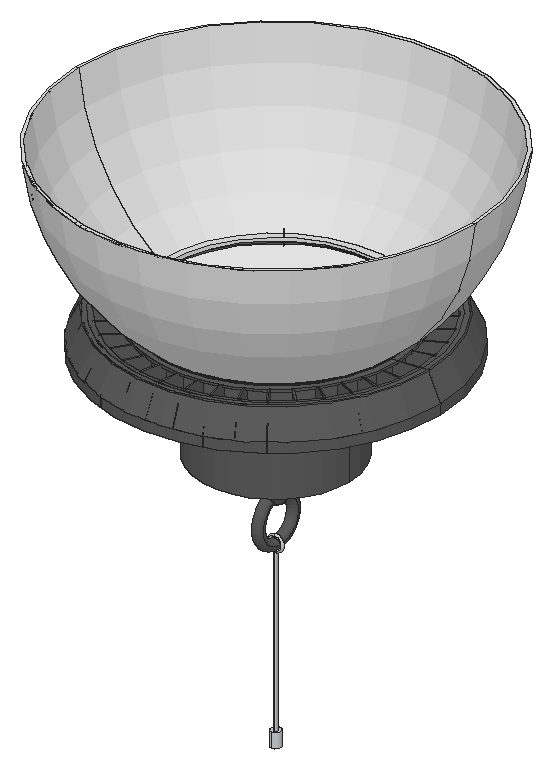
Revit family "0039364+0039359 Sylvania Lighting Fixture START HighBay IP65 DALI 26000lm 840 MB with ALU SHADE ALU COLOR FOR 26KLM pendant", category Lighting Fixtures, host Face, Revit 2017
Family settings
  Host = Face
  Round Connector Dimension = Use Diameter
  Part Type = Normal
  OmniClass Number = 23.80.70.00
  OmniClass Title = Lighting
  Cut with Voids When Loaded = No
  Light Source = Yes
  Shared = No
  Room Calculation Point = No
Parameters (values of type "0039364+0039359 START HighBay IP65 DALI 26000lm 840 MB with ALU SHADE ALU COLOR FOR 26KLM")
  WidthStraight_FEILO = if(SizeS_FEILO, 3 mm, if(SizeM_FEILO, 4 mm, 4.7 mm))  # 4.7 mm
  WidthRingChamfer_FEILO = if(SizeS_FEILO, 10.3 mm, if(SizeM_FEILO, 11.2 mm, 12.9 mm))  # 12.9 mm
  WidthCurved_FEILO = if(SizeS_FEILO, 17.4 mm, if(SizeM_FEILO, 16.4 mm, 26.2 mm))  # 26.2 mm
  WidthCurvedRing_FEILO = if(SizeS_FEILO, 3 mm, if(SizeM_FEILO, 4 mm, 4.7 mm))  # 4.7 mm
  WidthBracket_FEILO = 40 mm
  Weight = "3.7 kg"
  Wattage Comments = ""
  Wattage = 190 W
  WarrantyStartDate [instance] = "n/a"
  WarrantyGuarantorParts = "n/a"
  WarrantyDurationUnit = "n/a"
  WarrantyDurationParts = "n/a"
  WarrantyDescription = "n/a"
  built-in parameter 1150110 = 1 (stored number, unit not read)
  Voltage = 0 V
  VisibilityBracket_FEILO = no
  URL = "http://www.sylvania-lighting.com"
  TypeName = "START HighBay IP65 DALI 26000lm 840 MB with ALU SHADE ALU COLOR FOR 26KLM"
  Type Image = <None>
  Type Comments = "n/a"
  built-in parameter 1114217 = 1 (stored number, unit not read)
  Tilt Angle = -90.00°
  ThicknessWall_FEILO = 1.5 mm
  ThicknessBracket_FEILO = 1.5 mm
  ThicknessBracketHalf_FEILO = ThicknessBracket_FEILO / 2  # 0.75 mm
  built-in parameter 1150109 = 1 (stored number, unit not read)
  built-in parameter 1150134 = 12
  SuspensionHeight_FEILO [instance] = 400 mm
  built-in parameter 1150113 = 1 (stored number, unit not read)
  SizeS_FEILO = no
  SizeM_FEILO = no
  ShadeThickness_FEILO = 3 mm
  ShadeSizeSM_FEILO = or(SizeS_FEILO, SizeM_FEILO)  # no
  ShadeRadiusOut_FEILO = 205 mm
  ShadeRadiusIn_FEILO = if(ShadeSizeSM_FEILO, 95 mm, 121 mm)  # 121 mm
  ShadeRadiusBend_FEILO = if(ShadeSizeSM_FEILO, 210 mm, 210 mm)  # 210 mm
  ShadeHeight_FEILO = if(ShadeSizeSM_FEILO, 120 mm, 151 mm)  # 151 mm
  SerialNumber [instance] = "n/a"
  Rib4_FEILO = if(SizeS_FEILO, 18.1 mm, if(SizeM_FEILO, 13.6 mm, 14.6 mm))  # 14.6 mm
  Rib3_FEILO = if(SizeS_FEILO, 15.3 mm, if(SizeM_FEILO, 17.6 mm, 20.2 mm))  # 20.2 mm
  Rib2_FEILO = if(SizeS_FEILO, 3.6 mm, if(SizeM_FEILO, 3.9 mm, 4.5 mm))  # 4.5 mm
  Rib1_FEILO = if(SizeS_FEILO, 15.1 mm, if(SizeM_FEILO, 16.5 mm, 19 mm))  # 19 mm
  RadiusDiffuser_FEILO = if(SizeS_FEILO, 95.2 mm, if(SizeM_FEILO, 105.3 mm, 120 mm))  # 120 mm
  RadiusArrayPost_FEILO = DriverRadius_FEILO - 6 mm  # 70.4 mm
  RHRadius3_FEILO = if(SizeS_FEILO, 6.6 mm, if(SizeM_FEILO, 7.4 mm, 8.6 mm))  # 8.6 mm
  RHRadius2_FEILO = if(SizeS_FEILO, 11 mm, if(SizeM_FEILO, 12 mm, 14 mm))  # 14 mm
  RHRadius1_FEILO = if(SizeS_FEILO, 13.6 mm, if(SizeM_FEILO, 14.9 mm, 17.7 mm))  # 17.7 mm
  RHHeight4_FEILO = if(SizeS_FEILO, 7.3 mm, if(SizeM_FEILO, 8 mm, 9.2 mm))  # 9.2 mm
  RHHeight3_FEILO = if(SizeS_FEILO, 3.6 mm, if(SizeM_FEILO, 3.7 mm, 4.6 mm))  # 4.6 mm
  RHHeight2_FEILO = if(SizeS_FEILO, 2 mm, if(SizeM_FEILO, 2.2 mm, 2.6 mm))  # 2.6 mm
  RHHeight1_FEILO = if(SizeS_FEILO, 11.8 mm, if(SizeM_FEILO, 15.3 mm, 17.4 mm))  # 17.4 mm
  Photometric Web File = "0039364+0039359.ies"
  Material_5_FEILO = Shade-Sylvania-StartHighbay-Alu
  Material_3_FEILO = LED-Sylvania-StartHighbay-Glow
  PowerFactor = 0.95
  PowerConsumption = "190 W"
  NominalLength = 339 mm
  NominalHeight = 189 mm
  NominalDepth = 339 mm
  Name = "START HighBay IP65 DALI 26000lm 840 MB with ALU SHADE ALU COLOR FOR 26KLM"
  ModelReference = Name  # "START HighBay IP65 DALI 26000lm 840 MB with ALU SHADE ALU COLOR FOR 26KLM"
  ModelNumber = "0039364+0039359"
  Model = Name  # "START HighBay IP65 DALI 26000lm 840 MB with ALU SHADE ALU COLOR FOR 26KLM"
  Material = "aluminium alloy housing, polycarbonate diffuser"
  ManufacturerName = "Feilo Sylvania"
  Manufacturer = "Feilo Sylvania"
  LuminousEfficacy = "130 lm/W"
  built-in parameter 1150105 = 33569.2 (stored number, unit not read)
  Lumens = 24700 lm
  LuminaireType = ""
  built-in parameter 1150115 = 1 (stored number, unit not read)
  LightOutputRatio = "n/a"
  built-in parameter 1150137 = (empty or 0)
  built-in parameter 1150139 = (empty or 0)
  LampsType = Lamp  # "LED"
  LampNominalLuminous = "24700 lm"
  LampMacAdamStep = "6"
  LampColourTemperature = "4000 K"
  LampColourRenderingIndex = "80"
  built-in parameter 1150112 = 1 (stored number, unit not read)
  built-in parameter 1150114 = 1 (stored number, unit not read)
  Lamp = "LED"
  Keynote = "16500"
  InstallationDate [instance] = "n/a"
  InputVoltage = "n/a"
  InputNominalFrequency = "50/60 Hz"
  built-in parameter 1150132 = (empty or 0)
  built-in parameter 1150102 = (empty or 0)
  built-in parameter 1150107 = 4000 (stored number, unit not read)
  built-in parameter 1150138 = (empty or 0)
  IngressProtection = "IP65"
  ImpactProtectionIndex = "IK08"
  built-in parameter 1150106 = 335.69 (stored number, unit not read)
  IfcExportType = "IfcLightFixtureType"
  IfcExportAs = "IfcLightFixtureType"
  HeightRing_FEILO = if(SizeS_FEILO, 19.8 mm, if(SizeM_FEILO, 32 mm, 36.8 mm))  # 36.8 mm
  HeightRingChamfer_FEILO = if(SizeS_FEILO, 11.7 mm, if(SizeM_FEILO, 23.2 mm, 26.6 mm))  # 26.6 mm
  EyeThickness_FEILO = if(SizeS_FEILO, 8.4 mm, if(SizeM_FEILO, 9.2 mm, 10.5 mm))  # 10.5 mm
  EyeThicknessHalf_FEILO = EyeThickness_FEILO / 2  # 5.25 mm
  EyeInner_FEILO = if(SizeS_FEILO, 13.8 mm, if(SizeM_FEILO, 15.1 mm, 17.3 mm))  # 17.3 mm
  ExpectedLife = 50000
  Emit from Circle Diameter = RadiusDiffuser_FEILO * 2  # 240 mm
  Emit Shape Visible in Rendering = no
  ElectricShockClassification = "Class I"
  built-in parameter 1150104 = 12.077 (stored number, unit not read)
  DurationUnit = "hours"
  DriverVerticalStraight_FEILO = if(SizeS_FEILO, 46.5 mm, if(SizeM_FEILO, 49.7 mm, 57 mm))  # 57 mm
  DriverVerticalChamfer_FEILO = if(SizeS_FEILO, 7.5 mm, if(SizeM_FEILO, 8.2 mm, 9.5 mm))  # 9.5 mm
  DriverRadius_FEILO = if(SizeS_FEILO, 61.4 mm, if(SizeM_FEILO, 67.2 mm, 76.4 mm))  # 76.4 mm
  DriverRadiusTop_FEILO = if(SizeS_FEILO, 42 mm, if(SizeM_FEILO, 45.3 mm, 52.4 mm))  # 52.4 mm
  DriverBottom_FEILO = if(SizeS_FEILO, 56 mm, if(SizeM_FEILO, 64.5 mm, 74 mm))  # 74 mm
  DocumentationLiterature = "http://www.sylvania-lighting.com/product/en-int/products/0039364"
  DimmingControlOptions = "Dimmable"
  Material_2_FEILO = Diffuser-Sylvania-StartHighbay-Transparent
  Radius_FEILO = if(SizeS_FEILO, 135 mm, if(SizeM_FEILO, 148 mm, 169.5 mm))  # 169.5 mm
  Dimming Lamp Color Temperature Shift = <None>
  DiameterWire_FEILO = 3 mm
  DiameterWireSupport_FEILO = 10 mm
  Description = "START Highbay, includes 1 m cables, black aluminium housing, 24,700 Lm, 190 W, 130 Lm/W, 4000 K, drive current: 4100 mA, CRI 80, 60° beam angle, DALI dimmable, IP65, IK08, 50,000 hrs (L80/B50), (D x H) 339 x 189 mm."
  Default Elevation = 1219.2 mm
  CreatedOn = "5/15/2018"
  CreatedBy = ""
  Cost = 0
  Color Filter = 16777215
  built-in parameter 1114216 [instance] = (empty or 0)
  ClassificationValue = "EF_70_80"
  ClassificationName = "Uniclass2015"
  Material_1_FEILO = Body-Sylvania-StartHighbay-Black
  BarCode [instance] = "n/a"
  built-in parameter 1114218 = 1 (stored number, unit not read)
  built-in parameter 1150133 = 10 (stored number, unit not read)
  AssetType = "Fixed"
  AssetIdentifier [instance] = "n/a"
  Assembly Code = "D5020200"
  Apparent Load = 190 VA
  Material_4_FEILO = Shade-Sylvania-StartHighbay-Alu
Reference planes
  plane 1 "Center (Front/Back)": y = 0
  plane 2: z = 0
  plane 3 "Center (Left/Right)": x = 0
  plane 4: z = 400
  plane 5: x = -169.5
  plane 6: x = -156.6
  plane 7: z = 373.4
  plane 8: z = 363.2
  plane 9: x = -151.9
  plane 10: z = 397.375
  plane 11: x = -125.7
  plane 12: x = -120
  plane 13: x = -147.2
  plane 14: z = 398.375
  plane 15: z = 396.375
  plane 16: x = -117
  plane 17: z = 395.375
  plane 18: x = -168
  plane 19: x = -150.5
  plane 20: z = 358.7
  plane 21: x = -130.3
  plane 22: z = 344.1
  plane 23: x = -20
  plane 24: z = 326
  plane 25: x = -76.4
  plane 26: z = 269
  plane 27: x = -52.4
  plane 28: z = 259.5
  plane 29: x = -17.7
  plane 30: z = 242.1
  plane 31: z = 239.5
  plane 32: x = -14
  plane 33: z = 234.9
  plane 34: z = 225.7
  plane 35: x = -8.6
  plane 36: z = 208.4
  plane 37: z = 191.1
  plane 38: x = 5.25
  plane 39: x = -5.25
  plane 40: z = 180.6
  plane 41: z = 185.85
  plane 42: x = -162.3
  plane 43: x = -167
  plane 44: z = 361.7
  plane 45: x = -155.1
  plane 46: z = 297.5
  plane 47: y = -20
  plane 48: y = 20
  plane 49: x = 169.5
  plane 50: x = 156.6
  plane 51: x = 168
  plane 52: x = 162.3
  plane 53: x = 167
  plane 54: x = 155.1
  plane 55: z = 194.1
  plane 56: y = 1.5
  plane 57: y = -1.5
  plane 58: z = 192.6
  plane 59: z = 179.1
  plane 60: z = 177.6
  plane 61: y = -5
  plane 62: y = 5
  plane 63: z = 14
  plane 64: x = -205
  plane 65: z = 551
  plane 66: x = -121
  plane 67: x = -113
  plane 68: x = -202
  plane 69: z = 403
Forms (mm)
  Revolve 1, solid, material "Body-Sylvania-StartHighbay-Black" <- "Material_1_FEILO", detail levels medium+fine
    sketch origin (0, 0, 0) x (1, 0, 0) y (0, 0, 1)
      loop
        line (-169.5, 363.2) -> (-168, 363.2) -> (-168, 373.055) -> (-156.206, 397.375) -> (-147.2, 397.375) -> (-147.2, 399.137)
        arc (-147.2, 399.137) -> (-149.554, 399.547) -> (-151.9, 400) r 132.063
        line (-151.9, 400) -> (-156.141, 400)
        arc (-156.141, 400) -> (-156.63, 399.826) -> (-156.899, 399.383) r 0.774
        line (-156.899, 399.383) -> (-169.5, 373.4) -> (-169.5, 363.2)
      axis (0, 400) -> (0, 363.2)
    angle from 360 to 0
  Revolve 2, solid, material "Body-Sylvania-StartHighbay-Black" <- "Material_1_FEILO", detail levels medium+fine
    sketch origin (0, 0, 0) x (1, 0, 0) y (0, 0, 1)
      loop
        line (-125.7, 395.375) -> (-120, 395.375) -> (-120, 373.4) -> (0, 373.4) -> (0, 395.375) -> (-117, 395.375) -> (-117, 396.375) -> (-120, 396.375) -> (-120, 397.375) -> (-125.7, 397.375) -> (-125.7, 395.375)
      axis (0, 397.375) -> (0, 373.4)
    angle from 360 to 0
  Revolve 3, solid, material "Diffuser-Sylvania-StartHighbay-Transparent" <- "Material_2_FEILO", detail levels medium+fine
    sketch origin (0, 0, 0) x (1, 0, 0) y (0, 0, 1)
      loop
        line (-120, 396.375) -> (0, 396.375) -> (0, 398.375) -> (-120, 398.375) -> (-120, 396.375)
      axis (0, 398.375) -> (0, 396.375)
    angle from 360 to 0
  Revolve 4, solid, material "Body-Sylvania-StartHighbay-Black" <- "Material_1_FEILO"
    sketch origin (0, 0, 0) x (1, 0, 0) y (0, 0, 1)
      loop
        line (-76.4, 344.1) -> (-76.4, 269) -> (-52.4, 259.5) -> (-17.7, 259.5) -> (-17.7, 242.1) -> (-14, 239.5) -> (-14, 234.9) -> (-9.037, 226.426)
        arc (-9.037, 226.426) -> (-8.49, 225.894) -> (-7.753, 225.7) r 1.5
        line (-7.753, 225.7) -> (0, 225.7) -> (0, 344.1) -> (-76.4, 344.1)
      axis (0, 344.1) -> (0, 225.7)
    angle from 360 to 0
  Revolve 5, solid, material "Body-Sylvania-StartHighbay-Black" <- "Material_1_FEILO"
    sketch origin (0, 0, 0) x (1, 0, 0) y (0, 0, 1)
      loop
        circle (0, 185.85) r 5.25
      axis (5.25, 208.4) -> (-5.25, 208.4)
    angle from 360 to 0
  Extrusion 6, solid, material "Body-Sylvania-StartHighbay-Black" <- "Material_1_FEILO", visible <- "VisibilityBracket_FEILO"
    sketch origin (0, 0, 0) x (1, 0, 0) y (0, 0, 1)
      loop
        line (-167, 363.2) -> (-167, 361.7) -> (-157.35, 361.7)
        arc (-157.35, 361.7) -> (-156.82, 361.48) -> (-156.6, 360.95) r 0.75
        line (-156.6, 360.95) -> (-156.6, 297.5) -> (-155.1, 297.5) -> (-155.1, 361.7)
        arc (-155.1, 361.7) -> (-155.539, 362.761) -> (-156.6, 363.2) r 1.5
        line (-156.6, 363.2) -> (-167, 363.2)
      loop
        line (167, 363.2) -> (156.6, 363.2)
        arc (156.6, 363.2) -> (155.539, 362.761) -> (155.1, 361.7) r 1.5
        line (155.1, 361.7) -> (155.1, 297.5) -> (156.6, 297.5) -> (156.6, 360.95)
        arc (156.6, 360.95) -> (156.82, 361.48) -> (157.35, 361.7) r 0.75
        line (157.35, 361.7) -> (167, 361.7) -> (167, 363.2)
    from -20 to 20
  Extrusion 7, void
    sketch origin (0, 0, 0) x (0, 1, 0) y (0, 0, 1)
      loop
        arc (-10, 297.5) -> (-17.071, 300.429) -> (-20, 307.5) r 10
        line (-20, 307.5) -> (-25, 307.5) -> (-25, 292.5) -> (-10, 292.5) -> (-10, 297.5)
      loop
        line (10, 297.5) -> (10, 292.5) -> (25, 292.5) -> (25, 307.5) -> (20, 307.5)
        arc (20, 307.5) -> (17.071, 300.429) -> (10, 297.5) r 10
    from -156.6 to 156.6
  Revolve 8, solid, material "Body-Sylvania-StartHighbay-Black" <- "Material_1_FEILO", detail levels coarse
    sketch origin (0, 0, 0) x (1, 0, 0) y (0, 0, 1)
      loop
        line (0, 400) -> (-156.6, 400) -> (-169.5, 373.4) -> (-169.5, 363.2) -> (-150.5, 363.2) -> (-150.5, 358.7) -> (-130.3, 344.1) -> (0, 344.1) -> (0, 400)
      axis (0, 400) -> (0, 344.1)
    angle from 360 to 0
  Revolve 9, solid
    sketch origin (0, 0, 0) x (0, 1, 0) y (0, 0, 1)
      loop
        circle (0, 192.6) r 1.5
      axis (1.5, 185.85) -> (-1.5, 185.85)
    angle from 360 to 0
  Revolve 10, solid
    sketch origin (0, 0, 0) x (0, 1, 0) y (0, 0, 1)
      loop
        line (0, 0) -> (0, 179.1) -> (-1.5, 179.1) -> (-1.5, 14) -> (-5, 14) -> (-5, 0) -> (0, 0)
      axis (0, 0) -> (0, 179.1)
    angle from 360 to 0
  Revolve 11, solid, material "Shade-Sylvania-StartHighbay-Alu" <- "Material_4_FEILO"
    sketch origin (0, 0, 0) x (1, 0, 0) y (0, 0, 1)
      loop
        line (-121, 400) -> (-113, 400) -> (-113, 403) -> (-120.341, 403)
        arc (-120.341, 403) -> (-177.055, 468.269) -> (-202.193, 551) r 207.203
        line (-202.193, 551) -> (-205, 551)
        arc (-205, 551) -> (-179.25, 466.46) -> (-121, 400) r 210
      axis (0, 551) -> (0, 400)
    angle from 360 to 0
Cuts and joins
  Extrusion 7 cuts Extrusion 6
Lines and regions (mm)
  reference lines
    curve 1: line (-169.5, 0, 373.4) -> (-156.6, 0, 400)
    curve 2: line (-125.7, 0, 397.375) -> (0, 0, 397.375)
    curve 3: arc (-125.7, 0, 397.375) -> (-138.866, 0, 398.033) -> (-151.9, 0, 400) r 132.063
    curve 4: line (-156.6, 0, 400) -> (-151.9, 0, 400)
    curve 5: line (-156.206, 0, 397.375) -> (-168, 0, 373.055)
    curve 6: line (-150.5, 0, 358.7) -> (-130.3, 0, 344.1)
    curve 7: line (-14, 0, 234.9) -> (-8.6, 0, 225.7)
    curve 8: circle (0, 0, 185.85) r 5.25 normal (0, -1, 0)
    curve 9: arc (-121, 0, 400) -> (-179.25, 0, 466.46) -> (-205, 0, 551) r 210
Dimensions and locks
  "Radius_FEILO": plane 3 "Center (Left/Right)" to plane 5
  "WidthRingChamfer_FEILO": plane 6 to plane 5
  "WidthStraight_FEILO": plane 9 to plane 6
  "WidthCurvedRing_FEILO": plane 13 to plane 9
  locked: plane 10 to plane 15 at 1
  locked: plane 14 to plane 10 at 1
  locked: plane 4 to plane 10 at 2.625
  locked: plane 15 to plane 17 at 1
  "ThicknessWall_FEILO": plane 18 to plane 5
  "ThicknessWall_FEILO": curve 5 to curve 1
  "HeightRingChamfer_FEILO": plane 4 to plane 7
  "HeightRing_FEILO": plane 4 to plane 8
  "RadiusDiffuser_FEILO": plane 3 "Center (Left/Right)" to plane 12
  locked: plane 16 to plane 12 at 3
  "WidthCurved_FEILO": plane 11 to plane 9
  "SuspensionHeight_FEILO": plane 4 to plane 2
  "Rib1_FEILO": plane 19 to plane 5
  "Rib2_FEILO": plane 8 to plane 20
  "Rib3_FEILO": plane 21 to plane 19
  "Rib4_FEILO": plane 20 to plane 22
  locked: plane 3 "Center (Left/Right)" to plane 23 at 20
  "DriverBottom_FEILO": plane 4 to plane 24
  "DriverRadius_FEILO": plane 3 "Center (Left/Right)" to plane 25
  "DriverVerticalStraight_FEILO": plane 24 to plane 26
  "DriverRadiusTop_FEILO": plane 3 "Center (Left/Right)" to plane 27
  "DriverVerticalChamfer_FEILO": plane 26 to plane 28
  "RHRadius1_FEILO": plane 3 "Center (Left/Right)" to plane 29
  "RHHeight2_FEILO": plane 30 to plane 31
  "RHRadius2_FEILO": plane 3 "Center (Left/Right)" to plane 32
  "RHHeight3_FEILO": plane 31 to plane 33
  "RHHeight4_FEILO": plane 33 to plane 34
  "RHRadius3_FEILO": plane 3 "Center (Left/Right)" to plane 35
  "RHHeight1_FEILO": plane 28 to plane 30
  "EyeInner_FEILO": plane 34 to plane 36
  "EyeInner_FEILO": plane 36 to plane 37
  equal spacing: plane 38, plane 3 "Center (Left/Right)", plane 39
  "EyeThickness_FEILO": plane 38 to plane 39
  "EyeThickness_FEILO": plane 37 to plane 40
  equal spacing: plane 37, plane 41, plane 40
  equal spacing: plane 6, plane 42, plane 18
  "ThicknessBracket_FEILO": plane 45 to plane 6
  "ThicknessBracket_FEILO": plane 8 to plane 44
  locked: plane 43 to plane 18 at 1
  equal spacing: plane 24, plane 46, plane 26
  equal spacing: plane 47, plane 1 "Center (Front/Back)", plane 48
  "WidthBracket_FEILO": plane 47 to plane 48
  "WidthRingChamfer_FEILO": plane 50 to plane 49
  "ThicknessWall_FEILO": plane 51 to plane 49
  equal spacing: plane 50, plane 52, plane 51
  "ThicknessBracket_FEILO": plane 54 to plane 50
  locked: plane 53 to plane 51 at 1
  "Radius_FEILO": plane 49 to plane 3 "Center (Left/Right)"
  equal spacing: plane 57, imposter light, plane 56
  "DiameterWire_FEILO": plane 57 to plane 56
  "DiameterWire_FEILO": plane 37 to plane 55
  equal spacing: plane 37, plane 58, plane 55
  "DiameterWire_FEILO": plane 60 to plane 40
  equal spacing: plane 60, plane 59, plane 40
  equal spacing: plane 61, plane 1 "Center (Front/Back)", plane 62
  "DiameterWireSupport_FEILO": plane 61 to plane 62
  locked: plane 63 to plane 2 at 14
  "ShadeRadiusOut_FEILO": plane 3 "Center (Left/Right)" to plane 64
  "ShadeHeight_FEILO": plane 65 to plane 4
  "ShadeRadiusIn_FEILO": plane 3 "Center (Left/Right)" to plane 66
  locked: plane 67 to plane 66 at 8
  "ShadeThickness_FEILO": plane 69 to plane 4
  "ShadeThickness_FEILO": plane 68 to plane 64
  "EyeThicknessHalf_FEILO": radius of curve 8
  "ThicknessBracket_FEILO": radius of Extrusion 6 sketch curve  (x2)
  "ThicknessBracketHalf_FEILO": radius of Extrusion 6 sketch curve  (x2)
  "DiameterWire_FEILO": diameter of Revolve 9 sketch curve
  "ShadeRadiusBend_FEILO": radius of curve 9
  aligned and locked: plane 2 to host face
  aligned and locked: level to host face
  aligned and locked: plane 5 to curve 1
  aligned and locked: plane 6 to curve 1
  aligned and locked: plane 7 to curve 1
  aligned and locked: plane 10 to curve 2
  aligned and locked: plane 9 to curve 3
  aligned and locked: plane 4 to curve 3
  aligned and locked: plane 11 to curve 3
  aligned and locked: plane 4 to curve 4
  aligned and locked: plane 18 to curve 5
  aligned and locked: plane 10 to curve 5
  aligned and locked: Revolve 1 sketch curve to plane 3 "Center (Left/Right)"
  aligned and locked: Revolve 1 sketch curve to curve 3
  aligned and locked: Revolve 1 sketch curve to curve 1
  aligned and locked: plane 4 to Revolve 1 sketch curve
  aligned and locked: plane 9 to Revolve 1 sketch curve
  aligned and locked: Revolve 1 sketch curve to plane 13
  aligned and locked: Revolve 1 sketch curve to plane 10
  aligned and locked: plane 13 to Revolve 1 sketch curve
  aligned and locked: plane 10 to Revolve 1 sketch curve
  aligned and locked: Revolve 1 sketch curve to plane 18
  aligned and locked: Revolve 1 sketch curve to plane 8
  aligned and locked: plane 5 to Revolve 1 sketch curve  (x2)
  aligned and locked: Revolve 2 sketch curve to plane 3 "Center (Left/Right)"
  aligned and locked: plane 11 to Revolve 2 sketch curve
  aligned and locked: Revolve 2 sketch curve to curve 2
  aligned and locked: plane 15 to Revolve 2 sketch curve
  aligned and locked: Revolve 2 sketch curve to plane 16
  aligned and locked: plane 17 to Revolve 2 sketch curve  (x2)
  aligned and locked: Revolve 2 sketch curve to plane 12
  aligned and locked: plane 7 to Revolve 2 sketch curve
  aligned and locked: Revolve 3 sketch curve to plane 3 "Center (Left/Right)"
  aligned and locked: Revolve 3 sketch curve to plane 14
  aligned and locked: plane 3 "Center (Left/Right)" to Revolve 3 sketch curve
  aligned and locked: Revolve 3 sketch curve to plane 12
  aligned and locked: plane 15 to Revolve 3 sketch curve
  aligned and locked: Revolve 1 sketch curve to curve 5
  aligned and locked: plane 22 to curve 6
  aligned and locked: plane 21 to curve 6
  aligned and locked: plane 20 to curve 6
  aligned and locked: plane 19 to curve 6
  aligned and locked: plane 33 to curve 7
  aligned and locked: plane 32 to curve 7
  aligned and locked: plane 35 to curve 7
  aligned and locked: plane 34 to curve 7
  aligned and locked: Revolve 4 sketch curve to plane 3 "Center (Left/Right)"
  aligned and locked: Revolve 4 sketch curve to plane 25
  aligned and locked: plane 27 to Revolve 4 sketch curve
  aligned and locked: plane 28 to Revolve 4 sketch curve
  aligned and locked: plane 30 to Revolve 4 sketch curve
  aligned and locked: Revolve 4 sketch curve to plane 29
  aligned and locked: plane 31 to Revolve 4 sketch curve
  aligned and locked: Revolve 4 sketch curve to curve 7
  aligned and locked: Revolve 4 sketch curve to plane 32
  aligned and locked: plane 34 to Revolve 4 sketch curve
  aligned and locked: plane 3 "Center (Left/Right)" to Revolve 4 sketch curve
  aligned and locked: plane 3 "Center (Left/Right)" to curve 8
  aligned and locked: plane 41 to curve 8
  aligned and locked: Revolve 5 sketch curve to plane 36
  aligned and locked: Revolve 5 sketch curve to curve 8
  aligned and locked: plane 43 to Extrusion 6 sketch curve  (x2)
  aligned and locked: plane 8 to Extrusion 6 sketch curve  (x3)
  aligned and locked: Extrusion 6 sketch curve to plane 45
  aligned and locked: Extrusion 6 sketch curve to plane 46  (x2)
  aligned and locked: plane 6 to Extrusion 6 sketch curve
  aligned and locked: Extrusion 6 sketch curve to plane 44  (x2)
  aligned and locked: Extrusion 6 to plane 48
  aligned and locked: plane 47 to Extrusion 6
  aligned and locked: plane 53 to Extrusion 6 sketch curve
  aligned and locked: plane 50 to Extrusion 6 sketch curve
  aligned and locked: Extrusion 6 sketch curve to plane 54
  aligned and locked: Extrusion 7 sketch curve to Extrusion 7 sketch curve
  aligned and locked: Extrusion 7 to plane 6
  aligned and locked: Extrusion 7 to Extrusion 6
  aligned and locked: Revolve 4 sketch curve to plane 22
  aligned and locked: plane 23 to nested 1
  aligned and locked: plane 1 "Center (Front/Back)" to nested 1
  aligned and locked: Revolve 8 sketch curve to plane 3 "Center (Left/Right)"
  aligned and locked: Revolve 8 sketch curve to plane 4
  aligned and locked: plane 6 to Revolve 8 sketch curve
  aligned and locked: plane 4 to Revolve 8 sketch curve
  aligned and locked: plane 7 to Revolve 8 sketch curve
  aligned and locked: Revolve 8 sketch curve to plane 5
  aligned and locked: plane 8 to Revolve 8 sketch curve  (x2)
  aligned and locked: Revolve 8 sketch curve to plane 19
  aligned and locked: plane 20 to Revolve 8 sketch curve
  aligned and locked: plane 19 to Revolve 8 sketch curve
  aligned and locked: plane 21 to Revolve 8 sketch curve
  aligned and locked: plane 22 to Revolve 8 sketch curve  (x2)
  aligned and locked: Revolve 8 sketch curve to Revolve 8 sketch curve
  aligned and locked: imposter light to plane 4
  aligned and locked: plane 3 "Center (Left/Right)" to imposter light
  aligned and locked: imposter light to plane 1 "Center (Front/Back)"
  aligned and locked: Revolve 9 sketch curve to plane 41
  aligned and locked: Revolve 10 sketch curve to plane 1 "Center (Front/Back)"
  aligned and locked: plane 1 "Center (Front/Back)" to Revolve 10 sketch curve  (x2)
  aligned and locked: host face to Revolve 10 sketch curve
  aligned and locked: plane 63 to Revolve 10 sketch curve
  aligned and locked: Revolve 10 sketch curve to plane 61
  aligned and locked: Revolve 10 sketch curve to plane 57
  aligned and locked: plane 59 to Revolve 10 sketch curve
  aligned and locked: plane 64 to curve 9
  aligned and locked: plane 65 to curve 9
  aligned and locked: plane 66 to curve 9
  aligned and locked: plane 4 to curve 9
  aligned and locked: Revolve 11 sketch curve to curve 9
  aligned and locked: plane 67 to Revolve 11 sketch curve
  aligned and locked: plane 66 to Revolve 11 sketch curve
  aligned and locked: plane 65 to Revolve 11 sketch curve  (x2)
  aligned and locked: Revolve 11 sketch curve to plane 67
  aligned and locked: plane 69 to Revolve 11 sketch curve
Automatic sketch dimensions
  host sketch curve to host sketch curve = 2438.4 mm  (x2)
  Revolve 1 sketch curve to plane 6 = 0.299 mm
  plane 6 to Revolve 1 sketch curve = 0.459 mm
  Revolve 1 sketch curve to level = 609.6 mm
  Revolve 1 sketch curve to Revolve 1 sketch curve = 2312.223 mm
  Revolve 2 sketch curve to plane 12 = 0 mm
  Revolve 2 sketch curve to plane 3 "Center (Left/Right)" = 0 mm
  Revolve 2 sketch curve to level = 609.6 mm
  Revolve 2 sketch curve to plane 4 = 2339.058 mm
  Revolve 3 sketch curve to level = 609.6 mm
  Revolve 3 sketch curve to plane 4 = 2339.058 mm
  Revolve 5 sketch curve to plane 5 = 1080 mm
  plane 38 to Revolve 5 sketch curve = 1219.2 mm
  Extrusion 7 sketch curve to plane 47 = 0 mm
  plane 46 to Extrusion 7 sketch curve = 0 mm  (x2)
  Extrusion 7 sketch curve to plane 48 = 0 mm
  plane 47 to Extrusion 7 sketch curve = 5 mm
  plane 1 "Center (Front/Back)" to Extrusion 7 sketch curve = 10 mm
  Extrusion 7 sketch curve to Extrusion 7 sketch curve = 10 mm
  plane 46 to Extrusion 7 sketch curve = 5 mm
  Extrusion 7 sketch curve to Extrusion 7 sketch curve = 5 mm
  Extrusion 7 sketch curve to plane 48 = 5 mm
  Revolve 4 sketch curve to plane 26 = 0 mm
  Revolve 4 sketch curve to plane 35 = 0.437 mm
  plane 35 to Revolve 4 sketch curve = 0.847 mm
  Revolve 4 sketch curve to plane 34 = 0.726 mm
  plane 40 to Revolve 4 sketch curve = 590.2 mm
  Revolve 4 sketch curve to plane 4 = 2339.058 mm
  Revolve 8 sketch curve to level = 609.6 mm
  Revolve 8 sketch curve to Revolve 8 sketch curve = 2386.058 mm
  Revolve 9 sketch curve to plane 1 "Center (Front/Back)" = 0 mm
  plane 58 to Revolve 9 sketch curve = 0 mm
  plane 47 to Revolve 9 sketch curve = 2534.941 mm
  Revolve 9 sketch curve to plane 48 = 2077.409 mm
  Revolve 10 sketch curve to Revolve 10 sketch curve = 609.6 mm
  Revolve 10 sketch curve to plane 4 = 2123.807 mm
  curve 2 to plane 3 "Center (Left/Right)" = 0 mm
  Revolve 11 sketch curve to Revolve 11 sketch curve = 0 mm  (x2)
  Revolve 11 sketch curve to plane 3 "Center (Left/Right)" = 0 mm
  plane 66 to Revolve 11 sketch curve = 0.659 mm
  Revolve 11 sketch curve to level = 609.6 mm
  Revolve 11 sketch curve to Revolve 11 sketch curve = 2068.248 mm
Nested families
  nested 1: "Start Highbay Rib" at (0, 0, 397.375), type "Type Name", detail levels medium+fine
    with SuspensionHeight_FEILO 2.6 mm
  nested 2: "Start Highbay Rib" at (0, 0, 397.375) x (0.9877, 0.1564, 0) z (0, 0, 1), type "Type Name", detail levels medium+fine
    with SuspensionHeight_FEILO 2.6 mm
  nested 3: "Start Highbay Rib" at (0, 0, 397.375) x (0.9511, 0.309, 0) z (0, 0, 1), type "Type Name", detail levels medium+fine
    with SuspensionHeight_FEILO 2.6 mm
  nested 4: "Start Highbay Rib" at (0, 0, 397.375) x (0.891, 0.454, 0) z (0, 0, 1), type "Type Name", detail levels medium+fine
    with SuspensionHeight_FEILO 2.6 mm
  nested 5: "Start Highbay Rib" at (0, 0, 397.375) x (0.809, 0.5878, 0) z (0, 0, 1), type "Type Name", detail levels medium+fine
    with SuspensionHeight_FEILO 2.6 mm
  nested 6: "Start Highbay Rib" at (0, 0, 397.375) x (0.7071, 0.7071, 0) z (0, 0, 1), type "Type Name", detail levels medium+fine
    with SuspensionHeight_FEILO 2.6 mm
  nested 7: "Start Highbay Rib" at (0, 0, 397.375) x (0.5878, 0.809, 0) z (0, 0, 1), type "Type Name", detail levels medium+fine
    with SuspensionHeight_FEILO 2.6 mm
  nested 8: "Start Highbay Rib" at (0, 0, 397.375) x (0.454, 0.891, 0) z (0, 0, 1), type "Type Name", detail levels medium+fine
    with SuspensionHeight_FEILO 2.6 mm
  nested 9: "Start Highbay Rib" at (0, 0, 397.375) x (0.309, 0.9511, 0) z (0, 0, 1), type "Type Name", detail levels medium+fine
    with SuspensionHeight_FEILO 2.6 mm
  nested 10: "Start Highbay Rib" at (0, 0, 397.375) x (0.1564, 0.9877, 0) z (0, 0, 1), type "Type Name", detail levels medium+fine
    with SuspensionHeight_FEILO 2.6 mm
  nested 11: "Start Highbay Rib" at (0, 0, 397.375) x (0, 1, 0) z (0, 0, 1), type "Type Name", detail levels medium+fine
    with SuspensionHeight_FEILO 2.6 mm
  nested 12: "Start Highbay Rib" at (0, 0, 397.375) x (-0.1564, 0.9877, 0) z (0, 0, 1), type "Type Name", detail levels medium+fine
    with SuspensionHeight_FEILO 2.6 mm
  nested 13: "Start Highbay Rib" at (0, 0, 397.375) x (-0.309, 0.9511, 0) z (0, 0, 1), type "Type Name", detail levels medium+fine
    with SuspensionHeight_FEILO 2.6 mm
  nested 14: "Start Highbay Rib" at (0, 0, 397.375) x (-0.454, 0.891, 0) z (0, 0, 1), type "Type Name", detail levels medium+fine
    with SuspensionHeight_FEILO 2.6 mm
  nested 15: "Start Highbay Rib" at (0, 0, 397.375) x (-0.5878, 0.809, 0) z (0, 0, 1), type "Type Name", detail levels medium+fine
    with SuspensionHeight_FEILO 2.6 mm
  nested 16: "Start Highbay Rib" at (0, 0, 397.375) x (-0.7071, 0.7071, 0) z (0, 0, 1), type "Type Name", detail levels medium+fine
    with SuspensionHeight_FEILO 2.6 mm
  nested 17: "Start Highbay Rib" at (0, 0, 397.375) x (-0.809, 0.5878, 0) z (0, 0, 1), type "Type Name", detail levels medium+fine
    with SuspensionHeight_FEILO 2.6 mm
  nested 18: "Start Highbay Rib" at (0, 0, 397.375) x (-0.891, 0.454, 0) z (0, 0, 1), type "Type Name", detail levels medium+fine
    with SuspensionHeight_FEILO 2.6 mm
  nested 19: "Start Highbay Rib" at (0, 0, 397.375) x (-0.9511, 0.309, 0) z (0, 0, 1), type "Type Name", detail levels medium+fine
    with SuspensionHeight_FEILO 2.6 mm
  nested 20: "Start Highbay Rib" at (0, 0, 397.375) x (-0.9877, 0.1564, 0) z (0, 0, 1), type "Type Name", detail levels medium+fine
    with SuspensionHeight_FEILO 2.6 mm
  nested 21: "Start Highbay Rib" at (0, 0, 397.375) x (-1, 0, 0) z (0, 0, 1), type "Type Name", detail levels medium+fine
    with SuspensionHeight_FEILO 2.6 mm
  nested 22: "Start Highbay Rib" at (0, 0, 397.375) x (-0.9877, -0.1564, 0) z (0, 0, 1), type "Type Name", detail levels medium+fine
    with SuspensionHeight_FEILO 2.6 mm
  nested 23: "Start Highbay Rib" at (0, 0, 397.375) x (-0.9511, -0.309, 0) z (0, 0, 1), type "Type Name", detail levels medium+fine
    with SuspensionHeight_FEILO 2.6 mm
  nested 24: "Start Highbay Rib" at (0, 0, 397.375) x (-0.891, -0.454, 0) z (0, 0, 1), type "Type Name", detail levels medium+fine
    with SuspensionHeight_FEILO 2.6 mm
  nested 25: "Start Highbay Rib" at (0, 0, 397.375) x (-0.809, -0.5878, 0) z (0, 0, 1), type "Type Name", detail levels medium+fine
    with SuspensionHeight_FEILO 2.6 mm
  nested 26: "Start Highbay Rib" at (0, 0, 397.375) x (-0.7071, -0.7071, 0) z (0, 0, 1), type "Type Name", detail levels medium+fine
    with SuspensionHeight_FEILO 2.6 mm
  nested 27: "Start Highbay Rib" at (0, 0, 397.375) x (-0.5878, -0.809, 0) z (0, 0, 1), type "Type Name", detail levels medium+fine
    with SuspensionHeight_FEILO 2.6 mm
  nested 28: "Start Highbay Rib" at (0, 0, 397.375) x (-0.454, -0.891, 0) z (0, 0, 1), type "Type Name", detail levels medium+fine
    with SuspensionHeight_FEILO 2.6 mm
  nested 29: "Start Highbay Rib" at (0, 0, 397.375) x (-0.309, -0.9511, 0) z (0, 0, 1), type "Type Name", detail levels medium+fine
    with SuspensionHeight_FEILO 2.6 mm
  nested 30: "Start Highbay Rib" at (0, 0, 397.375) x (-0.1564, -0.9877, 0) z (0, 0, 1), type "Type Name", detail levels medium+fine
    with SuspensionHeight_FEILO 2.6 mm
  nested 31: "Start Highbay Rib" at (0, 0, 397.375) x (0, -1, 0) z (0, 0, 1), type "Type Name", detail levels medium+fine
    with SuspensionHeight_FEILO 2.6 mm
  nested 32: "Start Highbay Rib" at (0, 0, 397.375) x (0.1564, -0.9877, 0) z (0, 0, 1), type "Type Name", detail levels medium+fine
    with SuspensionHeight_FEILO 2.6 mm
  nested 33: "Start Highbay Rib" at (0, 0, 397.375) x (0.309, -0.9511, 0) z (0, 0, 1), type "Type Name", detail levels medium+fine
    with SuspensionHeight_FEILO 2.6 mm
  nested 34: "Start Highbay Rib" at (0, 0, 397.375) x (0.454, -0.891, 0) z (0, 0, 1), type "Type Name", detail levels medium+fine
    with SuspensionHeight_FEILO 2.6 mm
  nested 35: "Start Highbay Rib" at (0, 0, 397.375) x (0.5878, -0.809, 0) z (0, 0, 1), type "Type Name", detail levels medium+fine
    with SuspensionHeight_FEILO 2.6 mm
  nested 36: "Start Highbay Rib" at (0, 0, 397.375) x (0.7071, -0.7071, 0) z (0, 0, 1), type "Type Name", detail levels medium+fine
    with SuspensionHeight_FEILO 2.6 mm
  nested 37: "Start Highbay Rib" at (0, 0, 397.375) x (0.809, -0.5878, 0) z (0, 0, 1), type "Type Name", detail levels medium+fine
    with SuspensionHeight_FEILO 2.6 mm
  nested 38: "Start Highbay Rib" at (0, 0, 397.375) x (0.891, -0.454, 0) z (0, 0, 1), type "Type Name", detail levels medium+fine
    with SuspensionHeight_FEILO 2.6 mm
  nested 39: "Start Highbay Rib" at (0, 0, 397.375) x (0.9511, -0.309, 0) z (0, 0, 1), type "Type Name", detail levels medium+fine
    with SuspensionHeight_FEILO 2.6 mm
  nested 40: "Start Highbay Rib" at (0, 0, 397.375) x (0.9877, -0.1564, 0) z (0, 0, 1), type "Type Name", detail levels medium+fine
    with SuspensionHeight_FEILO 2.6 mm
Connectors
  electrical at (0, 0, 0), driven by "Apparent Load", driven by "PowerFactor", driven by "Voltage"
    settings: index 1, voltage 0 V, apparent load 190 VA, apparent load phase1 0 VA, apparent load phase2 0 VA, apparent load phase3 0 VA, power factor 0.95, load classification "Lighting", number of poles 1, system type 30, power factor state 1, is connector primary yes, connector utility no, sub classification motor no, connector description ""
Definition of nested family "Start Highbay Rib"
  Parameters (values of type "Type Name")
    WidthStraight_FEILO = if(SizeS_FEILO, 3 mm, if(SizeM_FEILO, 4 mm, 4.7 mm))  # 3 mm
    WidthRingChamfer_FEILO = if(SizeS_FEILO, 10.3 mm, if(SizeM_FEILO, 11.2 mm, 12.9 mm))  # 10.3 mm
    WidthCurved_FEILO = if(SizeS_FEILO, 17.4 mm, if(SizeM_FEILO, 16.4 mm, 26.2 mm))  # 17.4 mm
    WidthCurvedRing_FEILO = if(SizeS_FEILO, 3 mm, if(SizeM_FEILO, 4 mm, 4.7 mm))  # 3 mm
    WidthBracket_FEILO = 40 mm
    URL = "http://www.feilosylvania.com"
    Type Image = (empty or 0)
    Type Comments = "n/a"
    ThicknessWall_FEILO = 1.5 mm
    ThicknessBracket_FEILO = 1.5 mm
    ThicknessBracketHalf_FEILO = ThicknessBracket_FEILO / 2  # 0.75 mm
    SuspensionHeight_FEILO [instance] = 2.6 mm
    SizeS_FEILO = yes
    SizeM_FEILO = no
    Rib4_FEILO = if(SizeS_FEILO, 18.1 mm, if(SizeM_FEILO, 13.6 mm, 14.6 mm))  # 18.1 mm
    Rib3_FEILO = if(SizeS_FEILO, 15.3 mm, if(SizeM_FEILO, 17.6 mm, 20.2 mm))  # 15.3 mm
    Rib2_FEILO = if(SizeS_FEILO, 3.6 mm, if(SizeM_FEILO, 3.9 mm, 4.5 mm))  # 3.6 mm
    Rib1_FEILO = if(SizeS_FEILO, 15.1 mm, if(SizeM_FEILO, 16.5 mm, 19 mm))  # 15.1 mm
    RadiusRib_FEILO = 2 mm
    RadiusDiffuser_FEILO = if(SizeS_FEILO, 95.2 mm, if(SizeM_FEILO, 105.3 mm, 120 mm))  # 95.2 mm
    RHRadius3_FEILO = if(SizeS_FEILO, 6.6 mm, if(SizeM_FEILO, 7.4 mm, 8.6 mm))  # 6.6 mm
    RHRadius2_FEILO = if(SizeS_FEILO, 11 mm, if(SizeM_FEILO, 12 mm, 14 mm))  # 11 mm
    RHRadius1_FEILO = if(SizeS_FEILO, 13.6 mm, if(SizeM_FEILO, 14.9 mm, 17.7 mm))  # 13.6 mm
    RHHeight4_FEILO = if(SizeS_FEILO, 7.3 mm, if(SizeM_FEILO, 8 mm, 9.2 mm))  # 7.3 mm
    RHHeight3_FEILO = if(SizeS_FEILO, 3.6 mm, if(SizeM_FEILO, 3.7 mm, 4.6 mm))  # 3.6 mm
    RHHeight2_FEILO = if(SizeS_FEILO, 2 mm, if(SizeM_FEILO, 2.2 mm, 2.6 mm))  # 2 mm
    RHHeight1_FEILO = if(SizeS_FEILO, 11.8 mm, if(SizeM_FEILO, 15.3 mm, 17.4 mm))  # 11.8 mm
    Material_3_FEILO = none
    Model = ""
    Manufacturer = "Feilo Sylvania"
    Keynote = "16500"
    HeightRing_FEILO = if(SizeS_FEILO, 19.8 mm, if(SizeM_FEILO, 32 mm, 36.8 mm))  # 19.8 mm
    HeightRingChamfer_FEILO = if(SizeS_FEILO, 11.7 mm, if(SizeM_FEILO, 23.2 mm, 26.6 mm))  # 11.7 mm
    EyeThickness_FEILO = if(SizeS_FEILO, 8.4 mm, if(SizeM_FEILO, 9.2 mm, 10.5 mm))  # 8.4 mm
    EyeThicknessHalf_FEILO = EyeThickness_FEILO / 2  # 4.2 mm
    EyeInner_FEILO = if(SizeS_FEILO, 13.8 mm, if(SizeM_FEILO, 15.1 mm, 17.3 mm))  # 13.8 mm
    DriverVerticalStraight_FEILO = if(SizeS_FEILO, 46.5 mm, if(SizeM_FEILO, 49.7 mm, 57 mm))  # 46.5 mm
    DriverVerticalChamfer_FEILO = if(SizeS_FEILO, 7.5 mm, if(SizeM_FEILO, 8.2 mm, 9.5 mm))  # 7.5 mm
    DriverRadius_FEILO = if(SizeS_FEILO, 61.4 mm, if(SizeM_FEILO, 67.2 mm, 76.4 mm))  # 61.4 mm
    DriverRadiusTop_FEILO = if(SizeS_FEILO, 42 mm, if(SizeM_FEILO, 45.3 mm, 52.4 mm))  # 42 mm
    DriverBottom_FEILO = if(SizeS_FEILO, 56 mm, if(SizeM_FEILO, 64.5 mm, 74 mm))  # 56 mm
    Material_2_FEILO = none
    Radius_FEILO = if(SizeS_FEILO, 135 mm, if(SizeM_FEILO, 148 mm, 169.5 mm))  # 135 mm
    Description = ""
    Default Elevation = 1219.2 mm
    Cost = 0
    Material_1_FEILO = none
    Assembly Code = "D5020200"
    Material_4_FEILO = none
  Reference planes
    plane 1 "Center (Front/Back)": y = 0
    plane 2: z = 0
    plane 3 "Center (Left/Right)": x = 0
    plane 4: z = 2.6
    plane 5: x = -135
    plane 6: x = -124.7
    plane 7: z = -9.1
    plane 8: z = -17.2
    plane 9: x = -121.7
    plane 10: z = -0.025
    plane 11: x = -104.3
    plane 12: x = -95.2
    plane 13: x = -118.7
    plane 14: z = 0.975
    plane 15: z = -1.025
    plane 16: x = -92.2
    plane 17: z = -2.025
    plane 18: x = -133.5
    plane 19: x = -119.9
    plane 20: z = -20.8
    plane 21: x = -104.6
    plane 22: z = -38.9
    plane 23: x = -20
    plane 24: z = -53.4
    plane 25: x = -61.4
    plane 26: z = -99.9
    plane 27: x = -42
    plane 28: z = -107.4
    plane 29: x = -13.6
    plane 30: z = -119.2
    plane 31: z = -121.2
    plane 32: x = -11
    plane 33: z = -124.8
    plane 34: z = -132.1
    plane 35: x = -6.6
    plane 36: z = -145.9
    plane 37: z = -159.7
    plane 38: x = 4.2
    plane 39: x = -4.2
    plane 40: z = -168.1
    plane 41: z = -163.9
    plane 42: x = -129.1
    plane 43: x = -132.5
    plane 44: z = -18.7
    plane 45: x = -123.2
    plane 46: z = -76.65
    plane 47: y = -20
    plane 48: y = 20
    plane 49: x = 135
    plane 50: x = 124.7
    plane 51: x = 133.5
    plane 52: x = 129.1
    plane 53: x = 132.5
    plane 54: x = 123.2
    plane 55: y = 0.75
    plane 56: y = -0.75
  Forms (mm)
    Extrusion 1, solid
      sketch origin (4.2, 0, 0) x (1, 0, 0) y (0, 1, 0)
        loop
          line (-1219.2, 1219.2) -> (-1219.2, -1219.2) -> (1219.2, -1219.2) -> (1219.2, 1219.2) -> (-1219.2, 1219.2)
      from 0 to -68.017
    Extrusion 2, solid, material <- "Material_1_FEILO"
      sketch origin (0, 0, 0) x (1, 0, 0) y (0, 0, 1)
        loop
          arc (-104.3, -0.025) -> (-111.555, 0.423) -> (-118.7, 1.76) r 58.981
          line (-118.7, 1.76) -> (-118.7, -0.025) -> (-125.012, -0.025) -> (-133.5, -9.666) -> (-133.5, -17.2) -> (-119.9, -17.2) -> (-119.9, -20.068)
          arc (-119.9, -20.068) -> (-119.778, -20.755) -> (-119.427, -21.359) r 2
          line (-119.427, -21.359) -> (-104.966, -38.467)
          arc (-104.966, -38.467) -> (-104.381, -38.789) -> (-103.723, -38.9) r 2
          line (-103.723, -38.9) -> (-20, -38.9) -> (-20, -9.1) -> (-95.2, -9.1) -> (-95.2, -2.025) -> (-104.3, -2.025) -> (-104.3, -0.025)
      from -0.75 to 0.75
  Lines and regions (mm)
    reference lines
      curve 1: line (-135, 0, -9.1) -> (-124.7, 0, 2.6)
      curve 2: line (-104.3, 0, -0.025) -> (0, 0, -0.025)
      curve 3: arc (-104.3, 0, -0.025) -> (-113.098, 0, 0.635) -> (-121.7, 0, 2.6) r 58.981
      curve 4: line (-124.7, 0, 2.6) -> (-121.7, 0, 2.6)
      curve 5: line (-125.012, 0, -0.025) -> (-133.5, 0, -9.666)
      curve 6: line (-119.9, 0, -20.8) -> (-104.6, 0, -38.9)
  Dimensions and locks
    "Radius_FEILO": plane 3 "Center (Left/Right)" to plane 5
    "WidthRingChamfer_FEILO": plane 6 to plane 5
    "WidthStraight_FEILO": plane 9 to plane 6
    "WidthCurvedRing_FEILO": plane 13 to plane 9
    locked: plane 10 to plane 15 at 1
    locked: plane 14 to plane 10 at 1
    locked: plane 4 to plane 10 at 2.625
    locked: plane 15 to plane 17 at 1
    "ThicknessWall_FEILO": plane 18 to plane 5
    "ThicknessWall_FEILO": curve 5 to curve 1
    "HeightRingChamfer_FEILO": plane 4 to plane 7
    "HeightRing_FEILO": plane 4 to plane 8
    "RadiusDiffuser_FEILO": plane 3 "Center (Left/Right)" to plane 12
    locked: plane 16 to plane 12 at 3
    "WidthCurved_FEILO": plane 11 to plane 9
    "SuspensionHeight_FEILO": plane 4 to plane 2
    "Rib1_FEILO": plane 19 to plane 5
    "Rib2_FEILO": plane 8 to plane 20
    "Rib3_FEILO": plane 21 to plane 19
    "Rib4_FEILO": plane 20 to plane 22
    locked: plane 3 "Center (Left/Right)" to plane 23 at 20
    "DriverBottom_FEILO": plane 4 to plane 24
    "DriverRadius_FEILO": plane 3 "Center (Left/Right)" to plane 25
    "DriverVerticalStraight_FEILO": plane 24 to plane 26
    "DriverRadiusTop_FEILO": plane 3 "Center (Left/Right)" to plane 27
    "DriverVerticalChamfer_FEILO": plane 26 to plane 28
    "RHRadius1_FEILO": plane 3 "Center (Left/Right)" to plane 29
    "RHHeight2_FEILO": plane 30 to plane 31
    "RHRadius2_FEILO": plane 3 "Center (Left/Right)" to plane 32
    "RHHeight3_FEILO": plane 31 to plane 33
    "RHHeight4_FEILO": plane 33 to plane 34
    "RHRadius3_FEILO": plane 3 "Center (Left/Right)" to plane 35
    "RHHeight1_FEILO": plane 28 to plane 30
    "EyeInner_FEILO": plane 34 to plane 36
    "EyeInner_FEILO": plane 36 to plane 37
    equal spacing: plane 38, plane 3 "Center (Left/Right)", plane 39
    "EyeThickness_FEILO": plane 38 to plane 39
    "EyeThickness_FEILO": plane 37 to plane 40
    equal spacing: plane 37, plane 41, plane 40
    equal spacing: plane 6, plane 42, plane 18
    "ThicknessBracket_FEILO": plane 45 to plane 6
    "ThicknessBracket_FEILO": plane 8 to plane 44
    locked: plane 43 to plane 18 at 1
    equal spacing: plane 24, plane 46, plane 26
    equal spacing: plane 47, plane 1 "Center (Front/Back)", plane 48
    "WidthBracket_FEILO": plane 47 to plane 48
    "WidthRingChamfer_FEILO": plane 50 to plane 49
    "ThicknessWall_FEILO": plane 51 to plane 49
    equal spacing: plane 50, plane 52, plane 51
    "ThicknessBracket_FEILO": plane 54 to plane 50
    locked: plane 53 to plane 51 at 1
    "Radius_FEILO": plane 49 to plane 3 "Center (Left/Right)"
    equal spacing: plane 56, plane 1 "Center (Front/Back)", plane 55
    "ThicknessWall_FEILO": plane 56 to plane 55
    "RadiusRib_FEILO": radius of Extrusion 2 sketch curve  (x2)
    aligned and locked: plane 2 to Extrusion 1
    aligned and locked: level to Extrusion 1
    aligned and locked: plane 5 to curve 1
    aligned and locked: plane 6 to curve 1
    aligned and locked: plane 7 to curve 1
    aligned and locked: plane 10 to curve 2
    aligned and locked: plane 9 to curve 3
    aligned and locked: plane 4 to curve 3
    aligned and locked: plane 11 to curve 3
    aligned and locked: plane 4 to curve 4
    aligned and locked: plane 18 to curve 5
    aligned and locked: plane 10 to curve 5
    aligned and locked: plane 22 to curve 6
    aligned and locked: plane 21 to curve 6
    aligned and locked: plane 20 to curve 6
    aligned and locked: plane 19 to curve 6
    aligned and locked: Extrusion 2 sketch curve to plane 23
    aligned and locked: Extrusion 2 sketch curve to plane 22
    aligned and locked: Extrusion 2 sketch curve to curve 6
    aligned and locked: plane 19 to Extrusion 2 sketch curve
    aligned and locked: Extrusion 2 sketch curve to plane 8
    aligned and locked: Extrusion 2 sketch curve to curve 5
    aligned and locked: Extrusion 2 sketch curve to curve 3
    aligned and locked: Extrusion 2 to plane 55
    aligned and locked: plane 56 to Extrusion 2
    aligned and locked: curve 6 to Extrusion 2 sketch curve
  Automatic sketch dimensions
    Extrusion 1 sketch curve to Extrusion 1 sketch curve = 2438.4 mm  (x2)
    curve 2 to plane 3 "Center (Left/Right)" = 0 mm
    Extrusion 2 sketch curve to plane 18 = 0 mm
    Extrusion 2 sketch curve to plane 10 = 0 mm
    Extrusion 2 sketch curve to plane 13 = 0 mm
    Extrusion 2 sketch curve to plane 7 = 0 mm
    Extrusion 2 sketch curve to plane 12 = 0 mm
    Extrusion 2 sketch curve to plane 17 = 0 mm
    plane 19 to Extrusion 2 sketch curve = 0.473 mm
    Extrusion 2 sketch curve to plane 21 = 0.366 mm
